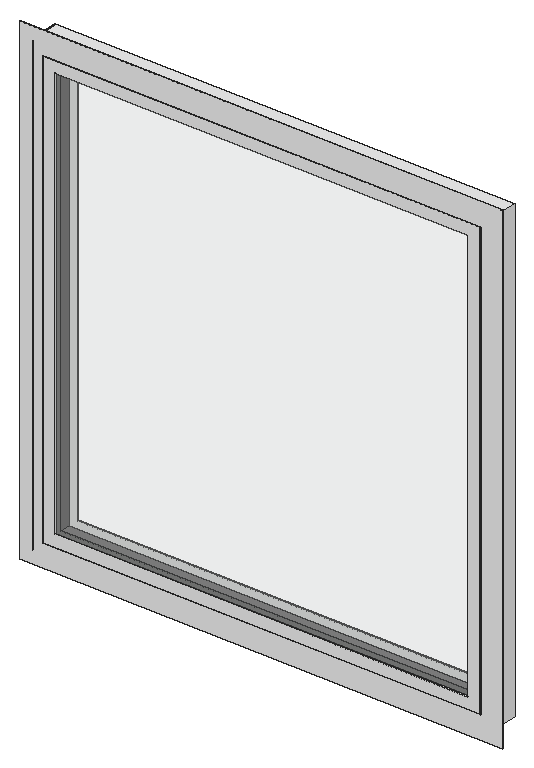
Revit family "Casement_34_A_Side_Hung_Custom", category Windows, host Wall, Revit 2014
Parameters (values of type "Casement_Sash_DG")
  Width Sash [instance] = 30 mm
  Width Sash Inner = 15 mm
  Width Bead = 15 mm
  Top Hung [instance] = yes
  Side Hung Right [instance] = yes
  Side Hung Left [instance] = yes
  Sash Opening Width [instance] = 600 mm
  Sash Opening Height [instance] = 600.312 mm
  Sash Lip = 15 mm
  Glazing Material [instance] = Glass
  DG Start Piece 2 [instance] = DG End Piece 1 + DG Gasket Thickness  # 25 mm
  DG Start Peice 1 [instance] = (Depth Sash - (2 * DG Glazing Thickness) - DG Gasket Thickness) / 2  # 6.6 mm
  Glazing Offset = 5 mm
  DG Glazing Thickness [instance] = 6.4 mm
  DG Gasket Thickness = 12 mm  # constant formula
  DG Gasket Material [instance] = Double Glazing Gasket Material
  DG End Piece 2 [instance] = DG Start Piece 2 + DG Glazing Thickness  # 31.4 mm
  DG End Piece 1 [instance] = DG Start Peice 1 + DG Glazing Thickness  # 13 mm
  Depth Sash [instance] = 38 mm
  Center Vertical Sash [instance] = Sash Opening Height / 2  # 300.156 mm
  Center Horizontal Sash [instance] = Sash Opening Width / 2  # 300 mm
  Bottom Hung [instance] = yes
  Bead Offset = 15 mm
  Aluminium Thickness = 1 mm
  Aluminium Material [instance] = White Powder Coated Aluminium
Reference planes
  plane 1 "Center (Front/Back)": y = 0
  plane 2: z = 0
  plane 3 "Center (Left/Right)": x = 0
Forms (mm)
  Sweep 1, solid, material "White Powder Coated Aluminium" <- "Aluminium Material"
    path origin (16.177, 0, 121.331) x (1, 0, 0) y (0, 0, 1)
      loop
        line (0, 0) -> (600, 0) -> (600, 600.312) -> (0, 600.312) -> (0, 0)
    profile origin (316.177, 0, 121.331) x (0, 0, 1) y (0, -1, 0)
      loop
        line (0, 0) -> (30, 0) -> (30, 1) -> (15, 1) -> (15, 38) -> (-15, 38) -> (-15, 37) -> (0, 37) -> (0, 0)
      loop
        line (14, 1) -> (14, 37) -> (1, 37) -> (1, 1) -> (14, 1)
  Sweep 2, solid, material "White Powder Coated Aluminium" <- "Aluminium Material"
    path origin (0, 0, 0) x (1, 0, 0) y (0, 0, 1)
      loop
        line (31.177, 706.643) -> (31.177, 136.331) -> (601.177, 136.331) -> (601.177, 706.643) -> (31.177, 706.643)
    profile origin (316.177, 0, 706.643) x (0, 0, 1) y (0, -1, 0)
      loop
        line (0, 37) -> (0, 38) -> (-15, 38) -> (-15, 37) -> (0, 37)
  Extrusion 3, solid, material "Glass" <- "Glazing Material"
    sketch origin (0, 0, 0) x (1, 0, 0) y (0, 0, 1)
      loop
        line (36.177, 701.643) -> (36.177, 141.331) -> (596.177, 141.331) -> (596.177, 701.643) -> (36.177, 701.643)
    from 6.6 <- "DG Start Peice 1" to 13 <- "DG End Piece 1"
  Extrusion 4, solid, material "Glass" <- "Glazing Material"
    sketch origin (0, 0, 0) x (1, 0, 0) y (0, 0, 1)
      loop
        line (36.177, 701.643) -> (36.177, 141.331) -> (596.177, 141.331) -> (596.177, 701.643) -> (36.177, 701.643)
    from 31.4 <- "DG End Piece 2" to 25 <- "DG Start Piece 2"
  Sweep 5, solid, material "Double Glazing Gasket Material" <- "DG Gasket Material"
    path origin (0, -13, 0) x (1, 0, 0) y (0, 0, 1)
      loop
        line (36.177, 701.643) -> (36.177, 141.331) -> (596.177, 141.331) -> (596.177, 701.643) -> (36.177, 701.643)
    profile origin (316.177, -13, 701.643) x (0, 0, 1) y (0, -1, 0)
      loop
        line (0, 0) -> (0, 12) -> (-7.96, 12) -> (-7.96, 0) -> (0, 0)
Lines and regions (mm)
  model lines
    curve 1: line (1.177, -38, 736.643) -> (31.177, -38, 706.643)
    curve 2: line (601.177, -38, 706.643) -> (631.177, -38, 736.643)
    curve 3: line (601.177, -38, 136.331) -> (631.177, -38, 106.331)
    curve 4: line (1.177, -38, 106.331) -> (31.177, -38, 136.331)
    curve 5: line (631.177, -37, 736.643) -> (616.177, -37, 721.643)
    curve 6: line (1.177, -37, 736.643) -> (16.177, -37, 721.643)
    curve 7: line (1.177, -37, 106.331) -> (16.177, -37, 121.331)
    curve 8: line (631.177, -37, 106.331) -> (616.177, -37, 121.331)
    curve 9: line (616.177, 0, 121.331) -> (586.177, 0, 151.331)
    curve 10: line (46.177, 0, 151.331) -> (16.177, 0, 121.331)
    curve 11: line (616.177, 0, 721.643) -> (586.177, 0, 691.643)
    curve 12: line (46.177, 0, 691.643) -> (16.177, 0, 721.643)
    curve 13: line (31.177, -38, 691.643) -> (46.177, -38, 691.643)
    curve 14: line (586.177, -38, 691.643) -> (601.177, -38, 691.643)
    curve 15: line (586.177, -38, 151.331) -> (601.177, -38, 151.331)
    curve 16: line (31.177, -38, 151.331) -> (46.177, -38, 151.331)
  model lines, style "GenericModelHiddenLines", visible <- "Top Hung"
    curve 17: line (46.386, -31.4, 690.914) -> (316.177, -31.4, 151.331)
    curve 18: line (316.177, -31.4, 151.331) -> (586.177, -31.4, 691.331)
  model lines, style "GenericModelHiddenLines", visible <- "Bottom Hung"
    curve 19: line (46.177, -31.4, 151.331) -> (316.177, -31.4, 691.331)
    curve 20: line (316.177, -31.4, 691.331) -> (586.177, -31.4, 151.331)
  model lines, style "GenericModelHiddenLines", visible <- "Side Hung Left"
    curve 21: line (46.386, -31.4, 690.914) -> (585.24, -31.4, 421.487)
    curve 22: line (585.24, -31.4, 421.487) -> (46.177, -31.4, 151.331)
  model lines, style "GenericModelHiddenLines", visible <- "Side Hung Right"
    curve 23: line (586.177, -31.4, 691.331) -> (46.177, -31.4, 421.487)
    curve 24: line (46.177, -31.4, 421.487) -> (586.177, -31.4, 151.331)
Dimensions and locks
  "Aluminium Thickness": Sweep 1 sketch curve to Sweep 1 sketch curve  (x4)
  "Depth Sash": Sweep 1 sketch curve to Sweep 1 sketch curve
  "Sash Opening Width": Sweep 1 to Sweep 1
  "Sash Opening Height": Sweep 1 to Sweep 1
  "Width Sash": Sweep 1 sketch curve to Sweep 1 sketch curve  (x2)
  "Width Sash Inner": Sweep 1 sketch curve to Sweep 1 sketch curve
  "Sash Lip": Sweep 1 sketch curve to Sweep 1 sketch curve
  "Aluminium Thickness": Sweep 1 to Sweep 2 sketch curve
  "Glazing Offset": Sweep 2 to Extrusion 3 sketch curve  (x3)
  "Glazing Offset": Extrusion 3 sketch curve to Sweep 2
  Sweep 1 to Sweep 1 = 1 mm
  "Aluminium Thickness": Sweep 2 sketch curve to Sweep 2 sketch curve
  "Width Bead": Sweep 2 sketch curve to Sweep 2 sketch curve
  locked: Sweep 5 sketch curve to Sweep 5 sketch curve at 7.96
  "Center Horizontal Sash": Sweep 1 to curve 18
  "Center Horizontal Sash": Sweep 1 to curve 20
  "Center Vertical Sash": Sweep 1 to curve 22
  "Center Vertical Sash": Sweep 1 to curve 24
  aligned and locked: level to plane 2
  aligned and locked: Sweep 1 sketch curve to Sweep 1 sketch curve  (x2)
  aligned and locked: Sweep 2 sketch curve to Sweep 1  (x5)
  aligned and locked: Extrusion 4 sketch curve to Extrusion 3  (x4)
  aligned and locked: Sweep 5 sketch curve to Extrusion 3  (x5)
  aligned and locked: Extrusion 3 to Sweep 5 sketch curve
Automatic sketch dimensions
  plane 3 "Center (Left/Right)" to Sweep 1 sketch curve = 16.177 mm
  level to Sweep 1 sketch curve = 121.331 mm
  plane 3 "Center (Left/Right)" to Sweep 1 sketch curve = 616.177 mm
  level to Sweep 1 sketch curve = 721.643 mm
  profile plane to Sweep 5 sketch curve = 12 mm
  curve 7 to Sweep 1 = 0 mm  (x4)
  curve 6 to Sweep 1 = 0 mm  (x3)
  Sweep 1 to curve 6 = 0 mm
  curve 5 to Sweep 1 = 0 mm  (x3)
  curve 8 to Sweep 1 = 0 mm  (x4)
  Sweep 1 to curve 5 = 0 mm
  curve 16 to Sweep 2 = 0 mm  (x3)
  curve 13 to Sweep 2 = 0 mm  (x3)
  curve 15 to Sweep 2 = 0 mm
  Sweep 2 to curve 15 = 0 mm  (x2)
  curve 14 to Sweep 2 = 0 mm  (x2)
  Sweep 2 to curve 14 = 0 mm
  curve 1 to Sweep 1 = 0 mm  (x4)
  curve 4 to Sweep 1 = 0 mm  (x3)
  Sweep 1 to curve 4 = 0 mm
  curve 3 to Sweep 1 = 0 mm  (x3)
  curve 2 to Sweep 1 = 0 mm  (x4)
  Sweep 1 to curve 3 = 0 mm
  curve 10 to Sweep 1 = 0 mm  (x4)
  curve 12 to Sweep 1 = 0 mm  (x3)
  Sweep 1 to curve 12 = 0 mm
  curve 9 to Sweep 1 = 0 mm  (x4)
  curve 11 to Sweep 1 = 0 mm  (x3)
  Sweep 1 to curve 11 = 0 mm
  Sweep 1 sketch curve to plane 1 "Center (Front/Back)" = 0 mm
  profile plane to Sweep 1 sketch curve = 0 mm
  curve 21 to Extrusion 4 = 10.208 mm
  curve 19 to Extrusion 4 = 10 mm
  curve 23 to Extrusion 4 = 10 mm  (x2)
  curve 22 to Extrusion 4 = 10.937 mm
  curve 20 to Extrusion 4 = 10 mm
  curve 24 to Extrusion 4 = 10 mm
  curve 22 to Extrusion 4 = 10 mm
  curve 18 to Extrusion 4 = 10 mm
  curve 21 to Extrusion 4 = 10.729 mm
  curve 19 to Extrusion 4 = 10.312 mm
  curve 18 to Extrusion 4 = 10.312 mm
